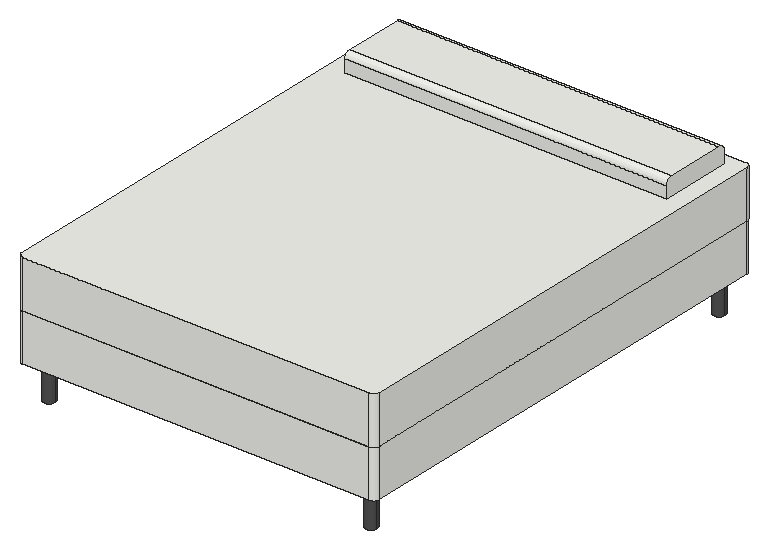
Revit family
Parameters
  Width = 0 mm
  Length = 0 mm
Reference planes
  plane 1: z = 0
  plane 2: y = -46.415
  plane 3: x = 270.312
  plane 4: y = 957.085
  plane 5: y = -1049.915
  plane 6: x = 1032.812
  plane 7: x = -492.188
  plane 8: x = -415.988
  plane 9: x = 956.612
  plane 10: y = 880.885
  plane 11: y = -973.715
Forms (mm)
  Extrusion 1, solid, material "Textile - White"
    sketch origin (-1.177, -0.82, 355.6) x (1, 0, 0) y (0, 1, 0)
      loop
        line (1008.589, 957.905) -> (-465.611, 957.905)
        arc (-465.611, 957.905) -> (-483.572, 950.465) -> (-491.011, 932.505) r 25.4
        line (-491.011, 932.505) -> (-491.011, -1023.695)
        arc (-491.011, -1023.695) -> (-483.572, -1041.656) -> (-465.611, -1049.095) r 25.4
        line (-465.611, -1049.095) -> (1008.589, -1049.095)
        arc (1008.589, -1049.095) -> (1026.549, -1041.656) -> (1033.989, -1023.695) r 25.4
        line (1033.989, -1023.695) -> (1033.989, 932.505)
        arc (1033.989, 932.505) -> (1026.549, 950.465) -> (1008.589, 957.905) r 25.4
    from 0 to 203.2
  Extrusion 2, solid, material "Metal - Chrome"
    sketch origin (-1.177, -0.82, 0) x (1, 0, 0) y (0, 1, 0)
      loop
        circle (-414.811, 881.705) r 25.4
      loop
        circle (957.789, 881.705) r 25.4
      loop
        circle (957.789, -972.895) r 25.4
      loop
        circle (-414.811, -972.895) r 25.4
    from 0 to 152.4
  Extrusion 3, solid, material "Textile - White"
    sketch origin (1032.812, -0.82, 0) x (0, -1, 0) y (0, 0, 1)
      loop
        line (-907.105, 558.8) -> (-602.305, 558.8) -> (-602.305, 609.6)
        arc (-602.305, 609.6) -> (-609.744, 627.561) -> (-627.705, 635) r 25.4
        line (-627.705, 635) -> (-881.705, 635)
        arc (-881.705, 635) -> (-899.665, 627.561) -> (-907.105, 609.6) r 25.4
        line (-907.105, 609.6) -> (-907.105, 558.8)
    from 76.2 to 1448.8
  Extrusion 4, solid, material "Textile - White"
    sketch origin (-1.177, -0.82, 0) x (1, 0, 0) y (0, 1, 0)
      loop
        line (-491.011, 932.505) -> (-491.011, -1023.695)
        arc (-491.011, -1023.695) -> (-483.572, -1041.656) -> (-465.611, -1049.095) r 25.4
        line (-465.611, -1049.095) -> (1008.589, -1049.095)
        arc (1008.589, -1049.095) -> (1026.549, -1041.656) -> (1033.989, -1023.695) r 25.4
        line (1033.989, -1023.695) -> (1033.989, 932.505)
        arc (1033.989, 932.505) -> (1026.549, 950.465) -> (1008.589, 957.905) r 25.4
        line (1008.589, 957.905) -> (-465.611, 957.905)
        arc (-465.611, 957.905) -> (-483.572, 950.465) -> (-491.011, 932.505) r 25.4
    from 152.4 to 355.6
Lines and regions (mm)
  Masking region 1
    outline origin (-1.177, -0.82, 0) x (1, 0, 0) y (0, 1, 0)
      loop
        line (-491.011, -1049.095) -> (1033.989, -1049.095) -> (1033.989, 957.905) -> (-491.011, 957.905) -> (-491.011, -1049.095)
  symbolic lines
    curve 1: line (-415.988, 906.285, 0) -> (956.612, 906.285, 0)
    curve 2: line (-415.988, 906.285, 0) -> (-415.988, 601.285, 0)
    curve 3: line (-415.988, 601.285, 0) -> (956.612, 601.285, 0)
    curve 4: line (956.612, 906.285, 0) -> (956.612, 601.285, 0)
    curve 5: line (1032.812, 601.285, 0) -> (-492.188, 383.363, 0)
Dimensions and locks
  equal spacing: plane 7, plane 3, plane 6
  equal spacing: plane 5, plane 2, plane 4
  "Width": plane 7 to plane 6
  "Length": plane 5 to plane 4
  locked: plane 10 to plane 4 at 76.2
  locked: plane 5 to plane 11 at 76.2
  locked: plane 7 to plane 8 at 76.2
  locked: plane 9 to plane 6 at 76.2
  locked: Extrusion 1 to Extrusion 3 at 76.2
  locked: Extrusion 3 to Extrusion 1 at 76.2
